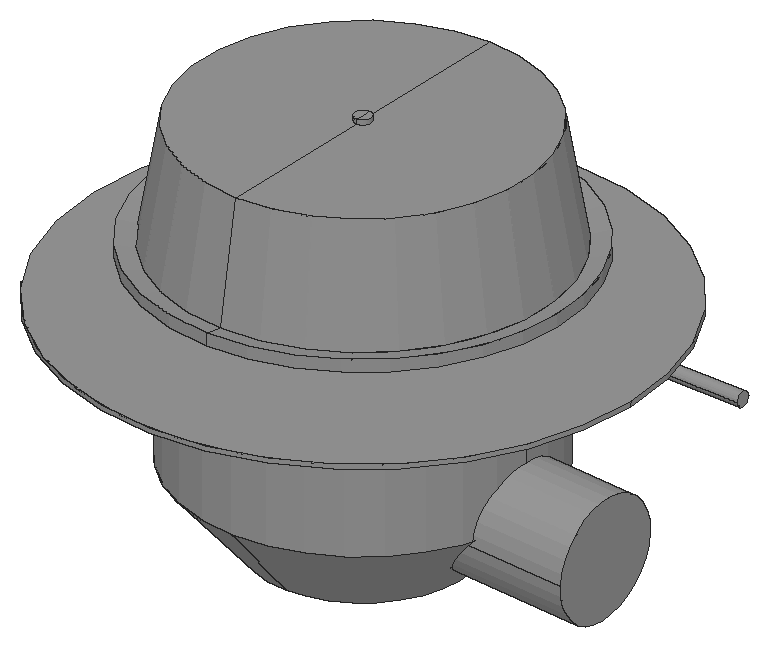
Revit family "HL_RU_Roof drain_HL64.1FSafe-B-221103", category Sanitärinstallationen, Revit 2020
Family settings
  Bemaßung runder Anschluss = Durchmesser verwenden
  Teiletyp = Normal
  OmniClass-Nummer = 23.70.50.21.24.14
  OmniClass-Titel = Deck Waste Water Drains
  Arbeitsebenenbasiert = Nein
  Immer vertikal = Ja
  Beim Laden mit Abzugskörper schneiden = Nein
  Gemeinsam genutzt = Nein
  Raumberechnungspunkt = Ja
Parameters (values of type "HL_Кровельная воронка_HL64.1FSafe_1")
  РЕШЁТКА = "Laubfangkorb d 262 mm"
  РАЗМЕР = "DN110"
  ПРОПУСКНАЯ СПОСОБНОСТЬ [instance] = 0.0 L/s
  ПРОИЗВОДИТЕЛЬНОСТЬ = "l/s"
  ПРАВОВАЯ ИНФОРМАЦИЯ = "Авторские права(©), права на дизайн или какие либо другие права интелектуальной собственности являются исключительной собственностью компании HL Hutterer & Lechner. Изменению не подлежит. Файл семейства с данными о прозводителе изделия защищен паролем с водяным знаком."
  НОМИНАЛЬНЫЙ ДИАМЕТР = 75 mm
  МАТЕРИАЛ = "PP"
  ВЫСОТА МОНТАЖА = "150mm"
  ВЕС = "2,388 [kg]"
  Vorgabe-Ansicht = 0 mm
  Hersteller = "HL Hutterer & Lechner GmbH"  # constant formula
  URL = "http://www.hutterer-lechner.com/ru/products/catalog/roof-drains/HL64.1FSafe/1.aspx"
  Материал плитка [instance] = none
  Lüftungsverbindung = no
  Abwasserrohrverbindung = yes
  HW-Verbindung = no
  KW-Verbindung = no
  Beschreibung = "Кровельные воронки"
  Model = "HL64.1FSafe_1"
  Assembly Code = " "
  Typenkommentare = "HL64.1FSafe/1, Воронка для аварийного водостока с горизонтальным выпуском DN110 с электрообогревом, с корпусом из ПП, с возможностью регулировки толщины слоя воды"
  Keynote = "HL64.1FSafe_1"
  Bысота монтажа [instance] = 28 mm  # constant formula
  G [instance] = 90.00°  # constant formula
  EAN = "9003076040971"
  D [instance] = if(НОМИНАЛЬНЫЙ ДИАМЕТР = 75 mm, 162.8 mm, 178 mm)  # 162.8 mm
  C [instance] = if(Bысота монтажа - 68 mm < 0 mm, 0 mm, Bысота монтажа - 68 mm)  # 0 mm
  B [instance] = Bысота монтажа + if(НОМИНАЛЬНЫЙ ДИАМЕТР = 75 mm, 101 mm, 84 mm)  # 129 mm
  A [instance] = if(B - 100 mm > 15 mm, B - 100 mm, 15 mm)  # 29 mm
Types (3, lengths in mm): name | РАЗМЕР | ВЕС | URL | Model | Typenkommentare | Keynote | EAN
  (no name) | "DN110" | "2,388 [kg]" | "http://www.hutterer-lechner.com/ru/products/catalog/roof-drains/HL64.1FSafe/1.aspx" | "HL64.1FSafe_1" | "HL64.1FSafe/1, Воронка для аварийного водостока с горизонтальным выпуском DN110 с электрообогревом, с корпусом из ПП, с возможностью регулировки толщины слоя воды" | "HL64.1FSafe_1" | "9003076040971"
  HL_Кровельная воронка_HL64.1FSafe_1 | "DN110" | "2,388 [kg]" | "http://www.hutterer-lechner.com/ru/products/catalog/roof-drains/HL64.1FSafe/1.aspx" | "HL64.1FSafe_1" | "HL64.1FSafe/1, Воронка для аварийного водостока с горизонтальным выпуском DN110 с электрообогревом, с корпусом из ПП, с возможностью регулировки толщины слоя воды" | "HL64.1FSafe_1" | "9003076040971"
  HL_Кровельная воронка_HL64.1FSafe_7 | "DN75" | "2,279 [kg]" | "http://www.hutterer-lechner.com/ru/products/catalog/roof-drains/HL64.1FSafe/7.aspx" | "HL64.1FSafe_7" | "HL64.1FSafe/7, Воронка для аварийного водостока с горизонтальным выпуском DN75 с электрообогревом, с корпусом из ПП, с возможностью регулировки толщины слоя воды" | "HL64.1FSafe_7" | "9003076040988"
Reference planes
  plane 1 "Center (Front/Back)": y = 0
  plane 2: z = 0
  plane 3 "Center (Left/Right)": x = 0
  plane 4: z = -129
  plane 5: z = -28
Lines and regions (mm)
  model lines, style "InvisibleLines"
    curve 1: line (0, 0, 0) -> (0, 0, 20)
  model lines, style "PlumbingFixtures", detail levels coarse+medium
    curve 2: line (0, 0, -129) -> (0, 0, -100)
    curve 3: line (0, 0, -100) -> (-100, 0, 0)
    curve 4: line (0, 0, -100) -> (100, 0, 0)
    curve 6: line (0, 0, -129) -> (162.8, 0, -129)
  reference lines, not visible
    curve 5: line (0, 0, -129) -> (162.8, 0, -129)
  symbolic lines, style "PlumbingFixtures", detail levels coarse+medium
    curve 7: line (-75, 75, 0) -> (75, 75, 0)
    curve 8: line (-75, -75, 0) -> (-75, 75, 0)
    curve 9: line (75, -75, 0) -> (-75, -75, 0)
    curve 10: line (75, 75, 0) -> (75, -75, 0)
    curve 11: line (-75, 75, 0) -> (-145.711, 145.711, 0)
    curve 12: line (75, 75, 0) -> (145.711, 145.711, 0)
    curve 13: line (-75, -75, 0) -> (-145.711, -145.711, 0)
    curve 14: line (75, -75, 0) -> (145.711, -145.711, 0)
  symbolic lines, style "PlumbingFixtures", not visible, detail levels coarse+medium
    curve 15: line (-75, 75, 0) -> (75, 75, 0)
    curve 16: line (-75, -75, 0) -> (-75, 75, 0)
    curve 17: line (75, -75, 0) -> (-75, -75, 0)
    curve 18: line (75, 75, 0) -> (75, -75, 0)
    curve 19: line (-75, 75, 0) -> (-145.711, 145.711, 0)
    curve 20: line (75, 75, 0) -> (145.711, 145.711, 0)
    curve 21: line (-75, -75, 0) -> (-145.711, -145.711, 0)
    curve 22: line (75, -75, 0) -> (145.711, -145.711, 0)
Text (mm)
  text "FLOOR" at (-162.344, 0, -10.979), in view "Drain Construction View"
Dimensions and locks
  "B": plane 2 to plane 4
  "Bысота монтажа": plane 2 to plane 5
  "A": curve 4 to plane 4
  "D": curve 5 to curve 5
  "D": curve 6 to curve 6
  locked: curve 4 to plane 3 "Center (Left/Right)" (angle 45.00°)
  locked: plane 3 "Center (Left/Right)" to curve 3 (angle 45.00°)
  "G": angle curve 5 to plane 3 "Center (Left/Right)"
  aligned and locked: level to plane 2
  aligned and locked: plane 2 to curve 4
  aligned and locked: plane 2 to curve 3
  aligned and locked: plane 4 to curve 5
  aligned and locked: plane 3 "Center (Left/Right)" to curve 5
  aligned and locked: plane 4 to curve 2
  aligned and locked: plane 3 "Center (Left/Right)" to curve 6
  aligned and locked: plane 4 to curve 6
  aligned and locked: nested 1 to plane 5
  aligned and locked: plane 3 "Center (Left/Right)" to nested 1
  aligned and locked: nested 2 to plane 2
  aligned and locked: plane 3 "Center (Left/Right)" to nested 2
Automatic sketch dimensions
  curve 2 to plane 3 "Center (Left/Right)" = 0 mm
  curve 1 to plane 3 "Center (Left/Right)" = 0 mm
  curve 1 to level = 0 mm
  level to curve 1 = 20 mm
Nested families
  nested 1: "HL_кровельные воронки - корпус_HL64.1F" at (0, 0, -27.538), НОМИНАЛЬНЫЙ ДИАМЕТР <- "НОМИНАЛЬНЫЙ ДИАМЕТР", type "HL_кровельные воронки - корпус_HL64.1F"
    with НОМИНАЛЬНЫЙ ДИАМЕТР 75 mm, Q02 93.275 mm, Q 150 mm, L 163 mm, B 101.5 mm, A 93.5 mm
  nested 2: "HL_Вспомогательные материалы-Противопожарная защита_HL062.1Safe" at (0, 0, 0), Bысота монтажа <- "Bысота монтажа", type "HL_Вспомогательные материалы-Противопожарная защита_HL062.1Safe"
    with Пропускная способность 0.0 L/s, L 58 mm, IHmin 28 mm, IHmax 68 mm, Bысота монтажа 28 mm
Connectors
  piping at (162.8, 0, -129), diameter 75, driven by "ПРОПУСКНАЯ СПОСОБНОСТЬ", driven by "НОМИНАЛЬНЫЙ ДИАМЕТР"
    settings: on curve 5, index 1, connector inside diameter 609.6 mm, connector length 0 mm, flow factor 0, pipe flow 0.0 L/s, pressure drop 0.0 Pa, fitting loss kfactor 0, connector angle 0.00°, fixture units 0, engagement length 0 mm, angle of deflection 0.00°, flow configuration 1, flow direction 2, fitting loss method 0, system type 16, joint type 0, gender type 0, connector reference index -1, connector utility 0, adjustable connector yes, is connector primary yes, connector description ""
Definition of nested family "HL_кровельные воронки - корпус_HL64.1F"
  Parameters (values of type "HL_кровельные воронки - корпус_HL64.1F")
    НОМИНАЛЬНЫЙ ДИАМЕТР [instance] = 110 mm
    Default Elevation = 0 mm
    Manufacturer = ""
    URL = ""
    Q02 [instance] = 93.275 mm
    Q [instance] = 150 mm
    Description = ""
    Model = ""
    L [instance] = if(НОМИНАЛЬНЫЙ ДИАМЕТР = 75 mm, 163 mm, if(НОМИНАЛЬНЫЙ ДИАМЕТР = 110 mm, 178 mm, 0 mm))  # 178 mm
    Type Comments = ""
    Cost = 0
    B [instance] = if(НОМИНАЛЬНЫЙ ДИАМЕТР = 75 mm, 101.5 mm, 84 mm)  # 84 mm
    A [instance] = if(НОМИНАЛЬНЫЙ ДИАМЕТР = 75 mm, 93.5 mm, 75 mm)  # 75 mm
  Reference planes
    plane 1 "Střed (vpředu/vzadu)": y = 0
    plane 2: z = 0
    plane 3 "Střed (vlevo/vpravo)": x = 0
  Forms (mm)
    Extrusion 1, solid, detail levels fine
      sketch origin (0.013, 0.012, 0) x (1, 0, 0) y (0, 1, 0)
        loop
          circle (0, 0) r 180
        loop
          circle (0, 0) r 78.913
      from -0.462 to -3.5
    Extrusion 2, solid, detail levels fine
      sketch origin (0.013, 0.012, -3.5) x (0, 1, 0) y (1, 0, 0)
        loop
          circle (0, 0) r 140
      from 0 to 18
    Extrusion 3, solid, detail levels fine
      sketch origin (0.013, 0.012, -21.5) x (-1, 0, 0) y (0, 1, 0)
        loop
          circle (0, 0) r 110
      from 0 to 73.906
    Blend 4, solid, detail levels fine
      base sketch origin (0.013, 0.012, -95.406) x (0, -1, 0) y (1, 0, 0)
        loop
          circle (0, 0) r 110
      top sketch origin (0.013, 0.012, -95.406) x (0, -1, 0) y (1, 0, 0)
        loop
          circle (0, 0) r 65
      from 0 to -53
    Revolve 5, void
      sketch origin (0.013, 0.012, 0) x (1, 0, 0) y (0, 0, 1)
        loop
          line (-78.913, 0) -> (-78.913, -16.281) -> (-74.694, -23.588) -> (-74.694, -24.914) -> (-75.511, -24.914) -> (-75.511, -30.304) -> (-64.679, -30.304) -> (-64.679, -32.804) -> (0, -32.804) -> (0, 0) -> (-78.913, 0)
        axis (0, 0) -> (0, -32.804)
      angle from 0 to 360
    Extrusion 6, solid, detail levels fine
      sketch origin (0, 0, 0) x (0, 1, 0) y (0, 0, 1)
        loop
          circle (70.204, -23.074) r 4.5
      from 55.926 to 199.171
    Extrusion 7, solid, detail levels fine
      sketch origin (179.265, 0, -54.515) x (0, -1, 0) y (-0.050562, 0, -0.998721)
        loop
          circle (0, 29.523) r 55
      from -0.044 to -100.795
  Cuts and joins
    Revolve 5 cuts Extrusion 1
    Revolve 5 cuts Extrusion 2
    Revolve 5 cuts Extrusion 3
  Lines and regions (mm)
    reference lines
      curve 1: line (0, 0, -75) -> (177.772, 0, -84)
  Dimensions and locks
    "B": plane 2 to curve 1
    "A": plane 2 to curve 1
    locked: curve 1 to plane 3 "Střed (vlevo/vpravo)" at 0
    "L": curve 1 to curve 1
    "НОМИНАЛЬНЫЙ ДИАМЕТР": diameter of Extrusion 7 sketch curve
    aligned and locked: level to plane 2
  Automatic sketch dimensions
    Extrusion 1 sketch curve to Extrusion 1 sketch curve = 0 mm  (x2)
    plane 3 "Střed (vlevo/vpravo)" to Extrusion 1 sketch curve = 0.013 mm
    Extrusion 1 sketch curve to plane 1 "Střed (vpředu/vzadu)" = 0.012 mm
    Revolve 5 sketch curve to level = 0 mm
    Revolve 5 sketch curve to plane 3 "Střed (vlevo/vpravo)" = 78.899 mm
    Revolve 5 sketch curve to Revolve 5 sketch curve = 3.401 mm
    Revolve 5 sketch curve to Revolve 5 sketch curve = 0.817 mm
    Revolve 5 sketch curve to Revolve 5 sketch curve = 10.833 mm
    plane 3 "Střed (vlevo/vpravo)" to Revolve 5 sketch curve = 0.013 mm  (x2)
    Revolve 5 sketch curve to level = 16.281 mm
    Revolve 5 sketch curve to Revolve 5 sketch curve = 7.307 mm
    Revolve 5 sketch curve to Revolve 5 sketch curve = 1.326 mm
    Revolve 5 sketch curve to Revolve 5 sketch curve = 5.39 mm
    Revolve 5 sketch curve to level = 32.804 mm
    level to Revolve 5 sketch curve = 25 mm
    Revolve 5 sketch curve to Revolve 5 sketch curve = 50 mm
    Extrusion 6 sketch curve to level = 23.074 mm
    Extrusion 6 sketch curve to plane 1 "Střed (vpředu/vzadu)" = 70.204 mm
    Extrusion 7 sketch curve to plane 1 "Střed (vpředu/vzadu)" = 0 mm
    radius of Extrusion 1 sketch curve = 180 mm
    radius of Extrusion 1 sketch curve = 78.913 mm
    radius of Extrusion 2 sketch curve to Extrusion 1 = 40 mm
    radius of Extrusion 3 sketch curve to Extrusion 2 = 30 mm
    radius of Blend 4 sketch curve to Extrusion 3 = 0 mm
    radius of Blend 4 sketch curve to Extrusion 3 = 45 mm
    radius of Extrusion 6 sketch curve = 4.5 mm
Definition of nested family "HL_Вспомогательные материалы-Противопожарная защита_HL062.1Safe"
  Parameters (values of type "HL_Вспомогательные материалы-Противопожарная защита_HL062.1Safe")
    РЕШЁТКА = "Laubfangkorb d 262 mm"
    ПРАВОВАЯ ИНФОРМАЦИЯ = "Авторские права(©), права на дизайн или какие либо другие права интелектуальной собственности являются исключительной собственностью компании HL Hutterer & Lechner. Изменению не подлежит. Файл семейства с данными о прозводителе изделия защищен паролем с водяным знаком."
    МАТЕРИАЛ = "PP"
    ВЕС = "1,25 [kg]"
    Default Elevation = 0 mm
    Manufacturer = "HL Hutterer & Lechner GmbH"
    URL = "http://www.hutterer-lechner.com/ru/products/catalog/roof-drains/HL062.1Safe.aspx"
    Материал плитка = none
    Description = "Кровельные воронки"
    Model = "HL062.1Safe"
    L [instance] = if(Bысота монтажа < IHmin, -100 mm, if(Bысота монтажа > IHmax, -100 mm, Bысота монтажа + 30 mm))  # 58 mm
    Type Comments = "HL062.1Safe, Вставка в воронку для аварийного водоотведения"
    Keynote = "HL062.1Safe"
    Bысота монтажа [instance] = 28 mm
    IHmin [instance] = 28 mm
    IHmax [instance] = 68 mm
    Пропускная способность [instance] = 0.0 L/s
    EAN = "9003076040605"
    Cost = 0
  Reference planes
    plane 1 "Střed (vpředu/vzadu)": y = 0
    plane 2: z = 0
    plane 3 "Střed (vlevo/vpravo)": x = 0
  Forms (mm)
    Revolve 1, solid, detail levels fine
      sketch origin (0, 0, 0) x (0, 1, 0) y (0, 0, 1)
        loop
          line (0, 81.1) -> (-5.25, 81.1) -> (-5.25, 78.5) -> (-106.614, 78.5) -> (-119.486, 5.5) -> (-101.611, 5.5) -> (-90.568, 68.124) -> (0, 68.124) -> (0, 81.1)
        axis (0, 81.1) -> (0, 5.5)
      angle from 0 to 360
    Extrusion 2, solid, detail levels fine
      sketch origin (0, 0, 68.124) x (-1, 0, 0) y (0, 1, 0)
        loop
          circle (-50, 0) r 11.945
      from 0 to 82.224
    Extrusion 3, solid, detail levels fine
      sketch origin (-100, 0, 68.124) x (-1, 0, 0) y (0, 1, 0)
        loop
          circle (-50, 0) r 11.945
      from 0 to 82.224
    Revolve 4, solid, detail levels fine
      sketch origin (0, 0, 0) x (0, 1, 0) y (0, 0, 1)
        loop
          line (-130.983, 7.735) -> (-130.983, 0) -> (-69.061, 0) -> (-64.445, -4.616) -> (-64.445, -65.123) -> (-63.068, -66.5) -> (-58.068, -66.5) -> (-58.068, -4.58) -> (-68.148, 5.5) -> (-119.486, 5.5) -> (-130.983, 7.735)
        axis (0, 7.735) -> (0, -66.5)
      angle from 0 to 360
    Revolve 5, solid, detail levels fine
      sketch origin (0, 69.895, -58) x (0, -1, 0) y (0, 0, -1)
        loop
          line (149.29, -29.5) -> (149.29, -9.5) -> (139.79, 0) -> (134.34, 0) -> (134.34, -44) -> (138.069, -44) -> (138.069, -29.5) -> (149.29, -29.5)
        axis (69.895, -44) -> (69.895, 0)
      angle from 0 to 360
  Lines and regions (mm)
    reference lines
      curve 1: line (0, 69.895, -58) -> (0, -190.105, -58)
  Dimensions and locks
    "L": curve 1 to plane 2
    aligned and locked: level to plane 2
  Automatic sketch dimensions
    Revolve 1 sketch curve to plane 1 "Střed (vpředu/vzadu)" = 0 mm  (x2)
    plane 1 "Střed (vpředu/vzadu)" to Revolve 1 sketch curve = 5.25 mm
    Revolve 1 sketch curve to Revolve 1 sketch curve = 85.318 mm
    level to Revolve 1 sketch curve = 5.5 mm
    Revolve 1 sketch curve to Revolve 1 sketch curve = 11.042 mm
    Revolve 1 sketch curve to Revolve 1 sketch curve = 16.046 mm
    Revolve 1 sketch curve to Revolve 1 sketch curve = 17.876 mm
    Revolve 1 sketch curve to Revolve 1 sketch curve = 62.624 mm
    Revolve 1 sketch curve to Revolve 1 sketch curve = 10.376 mm
    Revolve 1 sketch curve to Revolve 1 sketch curve = 2.6 mm
    Revolve 1 sketch curve to Revolve 1 sketch curve = 40 mm
    Revolve 1 sketch curve to Revolve 1 sketch curve = 25 mm
    Extrusion 2 sketch curve to Revolve 1 = 50 mm
    Revolve 1 to Extrusion 3 sketch curve = 50 mm
    level to Revolve 4 sketch curve = 0 mm
    Revolve 4 sketch curve to plane 1 "Střed (vpředu/vzadu)" = 0 mm
    plane 1 "Střed (vpředu/vzadu)" to Revolve 4 sketch curve = 58.068 mm
    Revolve 4 sketch curve to Revolve 4 sketch curve = 5 mm
    Revolve 4 sketch curve to Revolve 4 sketch curve = 1.377 mm  (x2)
    Revolve 4 sketch curve to Revolve 4 sketch curve = 3.703 mm
    Revolve 4 sketch curve to Revolve 4 sketch curve = 0.913 mm
    level to Revolve 4 sketch curve = 5.5 mm
    Revolve 4 sketch curve to Revolve 4 sketch curve = 50.425 mm
    Revolve 4 sketch curve to Revolve 4 sketch curve = 11.497 mm
    Revolve 4 sketch curve to level = 4.58 mm
    Revolve 4 sketch curve to level = 4.616 mm
    Revolve 4 sketch curve to Revolve 4 sketch curve = 60.507 mm
    level to Revolve 4 sketch curve = 7.735 mm
    Revolve 4 sketch curve to Revolve 4 sketch curve = 10 mm
    Revolve 4 sketch curve to Revolve 4 sketch curve = 35 mm
    Revolve 5 sketch curve to curve 1 = 0 mm
    curve 1 to Revolve 5 sketch curve = 44 mm
    Revolve 5 sketch curve to curve 1 = 125.66 mm
    Revolve 5 sketch curve to Revolve 5 sketch curve = 3.729 mm
    Revolve 5 sketch curve to Revolve 5 sketch curve = 5.45 mm
    Revolve 5 sketch curve to Revolve 5 sketch curve = 11.221 mm
    Revolve 5 sketch curve to Revolve 5 sketch curve = 14.5 mm
    curve 1 to Revolve 5 sketch curve = 9.5 mm
    curve 1 to Revolve 5 sketch curve = 69.895 mm
    Revolve 5 sketch curve to curve 1 = 15 mm
    Revolve 5 sketch curve to Revolve 5 sketch curve = 40 mm
    plane 1 "Střed (vpředu/vzadu)" to curve 1 = 190.105 mm
    curve 1 to plane 1 "Střed (vpředu/vzadu)" = 69.895 mm
    radius of Extrusion 2 sketch curve = 11.945 mm
    radius of Extrusion 3 sketch curve = 11.945 mm
